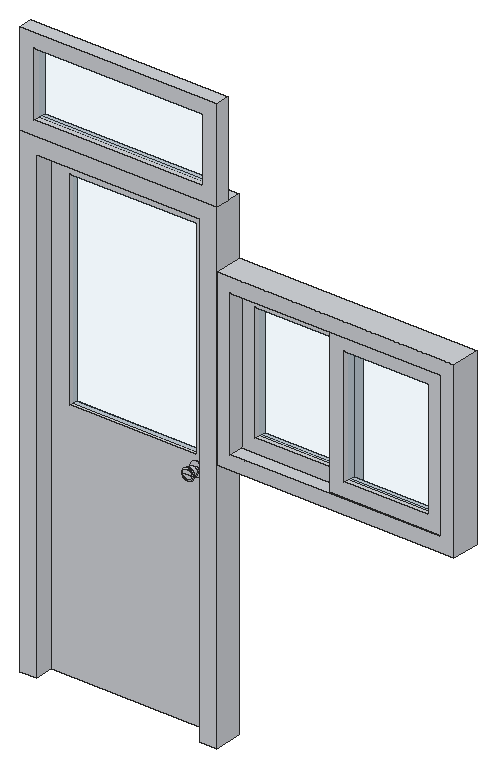
Revit family "D7A_鋁門1", category 門, Revit 2014
Parameters (values of type "(85+103) x 250 cm 2")
  玻璃 = 玻璃
  熱阻 (R) = 0.270117 (m²·K)/W
  Visual Light Transmittance = 0
  Solar Heat Gain Coefficient = 0
  營造類型 Id = "MDOOR"
  關鍵註記 = "單開門-矩形"
  傳熱係數 (U) = 3.7021 W/(m²·K)
  功能 = 室內
  門扇材料 = none
  門扇寬度 = Width - 2 * 開門側框寬度  # 750 mm
  門扇厚度 = 40 mm
  Assembly Code = ""
  Rough Height = Height  # 2100 mm
  Rough Width = Width  # 850 mm
  框架深度 = 120 mm
  框擋板寬度 = 門扇厚度 / 2  # 20 mm
  框總寬度 [instance] = 開門側框寬度 + 框擋板寬度  # 70 mm
  Height = 2100 mm
  牆封閉 = 依主體
  框架材料 = none
  開門側框寬度 = 50 mm
  握把五金 = none
  Width = 850 mm
  操作 = "左單開門方向"
  解析營造 = "金屬"
Reference planes
  plane 1: y = -210
  plane 2 "中心 (左/右)": x = 0
  plane 3 "左": x = -425
  plane 4 "右": x = 425
  plane 5: z = 2100
  plane 6 "外部": y = -135
  plane 7 "內部": y = -285
  plane 8: y = 320
  plane 9: y = -740
  plane 10: z = 1050
Forms (mm)
  Sweep 1, solid, material <- "框架材料"
    path origin (-5000, -210, 0) x (-1, 0, 0) y (0, 0, 1)
      loop
        line (-5425, 0) -> (-5425, 2100) -> (-4575, 2100) -> (-4575, 0)
    profile origin (425, -210, 1050) x (1, 0, 0) y (0, 1, 0)
      loop
        line (0, 60) -> (-50, 60) -> (-50, 20) -> (-70, 20) -> (-70, -60) -> (0, -60) -> (0, 60)
  Extrusion 2, solid, material <- "門扇材料"
    sketch origin (-5000, -210, 0) x (1, 0, 0) y (0, 0, 1)
      loop
        line (4625, 2050) -> (4625, 0) -> (5375, 0) -> (5375, 2050) -> (4625, 2050)
      loop
        line (5275, 1050) -> (5275, 1950) -> (4725, 1950) -> (4725, 1050) -> (5275, 1050)
    from -60 to -20
  Extrusion 3, solid, material "玻璃" <- "玻璃"
    sketch origin (-5000, -210, 0) x (1, 0, 0) y (0, 0, 1)
      loop
        line (5275, 1950) -> (4725, 1950) -> (4725, 1050) -> (5275, 1050) -> (5275, 1950)
    from -55 to -35
Lines and regions (mm)
  Opening 1
    outline origin (-3050, -285, 0) x (1, 0, 0) y (0, 0, 1)
      loop
        line (2625, 0) -> (3475, 0) -> (3475, 2100) -> (2625, 2100) -> (2625, 0)
  Opening 2
    outline origin (-5000, -285, 0) x (1, 0, 0) y (0, 0, 1)
      loop
        line (5425, 2500) -> (4575, 2500) -> (4575, 2100) -> (5425, 2100) -> (5425, 2500)
  symbolic lines, style "Doors"
    curve 1: line (-375, -150, 0) -> (-335, -150, 0)
    curve 2: line (-375, 600, 0) -> (-375, -150, 0)
    curve 3: line (-335, 600, 0) -> (-375, 600, 0)
    curve 4: line (-335, -150, 0) -> (-335, 600, 0)
  symbolic lines, style "平面圖打開方向"
    curve 5: arc (375, -150, 0) -> (169.289, 365.994, 0) -> (-335, 598.933, 0) r 750
  symbolic lines, style "DoorsFrameMullionProjection"
    curve 6: line (-375, -150, 0) -> (-425, -150, 0)
    curve 7: line (-375, -270, 0) -> (-375, -150, 0)
    curve 8: line (-425, -270, 0) -> (-375, -270, 0)
    curve 9: line (-425, -150, 0) -> (-425, -270, 0)
    curve 10: line (375, -150, 0) -> (425, -150, 0)
    curve 11: line (375, -270, 0) -> (375, -150, 0)
    curve 12: line (425, -270, 0) -> (375, -270, 0)
    curve 13: line (425, -150, 0) -> (425, -270, 0)
  symbolic lines, style "立面圖打開方向"
    curve 14: line (-425, -285, 1050) -> (425, -285, 0)
    curve 15: line (-425, -135, 1050) -> (425, -135, 2100)
  model lines
    curve 16: line (275, -190, 950) -> (-275, -190, 950)
    curve 17: line (275, -190, 100) -> (275, -190, 950)
    curve 18: line (-275, -190, 100) -> (275, -190, 100)
    curve 19: line (-240, -190, 950) -> (-240, -190, 100)
    curve 20: line (-180, -190, 950) -> (-180, -190, 100)
    curve 21: line (-120, -190, 950) -> (-120, -190, 100)
    curve 22: line (-60, -190, 950) -> (-60, -190, 100)
    curve 23: line (0, -190, 950) -> (0, -190, 100)
    curve 24: line (60, -190, 950) -> (60, -190, 100)
    curve 25: line (120, -190, 950) -> (120, -190, 100)
    curve 26: line (180, -190, 950) -> (180, -190, 100)
    curve 27: line (240, -190, 950) -> (240, -190, 100)
    curve 28: line (275, -150, 950) -> (-275, -150, 950)
    curve 29: line (275, -150, 100) -> (275, -150, 950)
    curve 30: line (-275, -150, 100) -> (275, -150, 100)
    curve 31: line (-275, -150, 950) -> (-275, -150, 100)
    curve 32: line (-240, -150, 950) -> (-240, -150, 100)
    curve 33: line (-180, -150, 950) -> (-180, -150, 100)
    curve 34: line (-120, -150, 950) -> (-120, -150, 100)
    curve 35: line (-60, -150, 950) -> (-60, -150, 100)
    curve 36: line (0, -150, 950) -> (0, -150, 100)
    curve 37: line (60, -150, 950) -> (60, -150, 100)
    curve 38: line (120, -150, 950) -> (120, -150, 100)
    curve 39: line (180, -150, 950) -> (180, -150, 100)
    curve 40: line (240, -150, 950) -> (240, -150, 100)
Text (mm)
  text "外部" at (-2295.016, 1099.543, 0), in view "參考樓層"
  text "外部" at (0, 1615.38, 3698.081), in view "左"
  text "外部" at (0, 1036.032, 3874.932), in view "右"
Dimensions and locks
  equal spacing: plane 3 "左", plane 2 "中心 (左/右)", plane 4 "右"
  "Width": plane 3 "左" to plane 4 "右"
  "Height": plane 5 to host wall
  host wall to plane 5 = 2100 mm  (x2)
  locked: plane 6 "外部" to host wall at 0
  locked: plane 7 "內部" to host wall
  equal spacing: Sweep 1 sketch curve, host wall, Sweep 1 sketch curve
  "框架深度": Sweep 1 sketch curve to Sweep 1 sketch curve
  "門扇厚度": Sweep 1 sketch curve to Sweep 1 sketch curve
  "開門側框寬度": Sweep 1 sketch curve to Sweep 1 sketch curve
  "框擋板寬度": Sweep 1 sketch curve to Sweep 1 sketch curve
  "Width": Sweep 1 sketch curve to Sweep 1 sketch curve
  "門扇厚度": curve 2 to curve 4
  "門扇寬度": curve 3 to curve 1
  "開門側框寬度": curve 11 to Sweep 1
  "開門側框寬度": curve 9 to curve 7
  equal spacing: Sweep 1, host wall, Sweep 1  (x2)
  "框架深度": Sweep 1 to Sweep 1  (x2)
  equal spacing: curve 6, plane 1, curve 8
  "框架深度": curve 6 to curve 8
  equal spacing: curve 12, plane 1, curve 10
  "框架深度": curve 12 to curve 10
  locked: nested 2 to Sweep 1 at 75
  locked: nested 1 to Sweep 1 at 75
  equal spacing: plane 8, plane 1, plane 9
  plane 8 to plane 9 = 1060 mm
  "門扇厚度": Extrusion 2 to Extrusion 2
  locked: level to nested 5 at 1100
  locked: level to nested 6 at 2100
  "門扇寬度": radius of curve 5
  aligned and locked: plane 3 "左" to Opening 1 sketch curve
  aligned and locked: plane 5 to Opening 1 sketch curve  (x2)
  aligned and locked: Opening 1 sketch curve to plane 4 "右"
  aligned and locked: Opening 1 sketch curve to level
  aligned and locked: plane 1 to host wall
  aligned and locked: Sweep 1 to Extrusion 2 sketch curve
  aligned and locked: Extrusion 2 sketch curve to Sweep 1  (x2)
  aligned and locked: level to Extrusion 2 sketch curve
  aligned and locked: Extrusion 2 to Sweep 1
  aligned and locked: nested 1 to Extrusion 2
  aligned and locked: Extrusion 2 to nested 2
  aligned and locked: plane 4 "右" to curve 15
  aligned and locked: plane 5 to curve 15
  aligned and locked: level to curve 14
  aligned and locked: plane 4 "右" to curve 14
  aligned and locked: plane 10 to curve 15
  aligned and locked: plane 3 "左" to curve 15
  aligned and locked: curve 14 to curve 15
  aligned and locked: plane 10 to Extrusion 2
  aligned and locked: nested 5 to nested 6
  aligned and locked: nested 5 to plane 4 "右"
Automatic sketch dimensions
  curve 14 to plane 10 = 0 mm
  plane 4 "右" to Sweep 1 sketch curve = 0 mm
  Sweep 1 sketch curve to plane 5 = 0 mm
  Sweep 1 sketch curve to level = 0 mm  (x2)
  Sweep 1 sketch curve to profile plane = 0 mm
  curve 9 to plane 3 "左" = 0 mm
  curve 13 to plane 4 "右" = 0 mm
  Extrusion 2 sketch curve to plane 10 = 0 mm
  Extrusion 2 sketch curve to plane 3 "左" = 150 mm
  plane 5 to Extrusion 2 sketch curve = 150 mm
  Extrusion 2 sketch curve to Extrusion 2 sketch curve = 100 mm
  Extrusion 3 sketch curve to plane 10 = 0 mm
  Extrusion 3 sketch curve to plane 3 "左" = 150 mm
  plane 5 to Extrusion 3 sketch curve = 150 mm
  plane 4 "右" to Extrusion 3 sketch curve = 150 mm
  Extrusion 2 to curve 18 = 0 mm  (x2)
  curve 18 to Extrusion 2 = 100 mm
  Extrusion 2 to curve 16 = 0 mm
  curve 17 to Extrusion 2 = 100 mm
  plane 4 "右" to curve 30 = 150 mm
  curve 29 to plane 10 = 100 mm
  curve 30 to plane 3 "左" = 150 mm
  curve 28 to plane 3 "左" = 150 mm
  level to curve 29 = 100 mm
  plane 3 "左" to Opening 2 sketch curve = 0 mm
  plane 4 "右" to Opening 2 sketch curve = 0 mm
  Opening 2 sketch curve to plane 5 = 0 mm
  Opening 2 sketch curve to Opening 2 sketch curve = 400 mm
Nested families
  nested 1: "喇叭鎖" at (355, -190, 0) x (-1, 0, 0) z (0, 0, 1), type "喇叭鎖"
  nested 2: "喇叭鎖" at (355, -150, 0) x (-1, 0, 0) z (0, 0, 1), type "喇叭鎖"
  nested 3: "喇叭鎖" at (365, 60, 1000), type "喇叭鎖", not visible
  nested 4: "喇叭鎖" at (365, 20, 1000), type "喇叭鎖", not visible
  nested 5: "雙開窗- (1)" at (940, -390, 0) x (-1, 0, 0) z (0, 0, 1), type "103 x 75 cm"
  nested 6: "固定窗-矩形- (1)" at (0, -210, 0), type "85 x 40 cm"
Definition of nested family "喇叭鎖"
  Parameters (values of type "喇叭鎖")
    Assembly Code = ""
    握把高度 = 1000 mm
    握把與版面側邊距離 = 75 mm
    握把五金 = none
  Reference planes
    plane 1 "中心 (前/後)": y = 0
    plane 2: z = 0
    plane 3 "中心 (左/右)": x = 0
    plane 4: x = 75
  Forms (mm)
    Revolve 1, solid, material <- "握把五金"
      sketch origin (511.236, -60, 1000) x (1, 0, 0) y (0, 1, 0)
        loop
          line (-436.236, 60) -> (-406.236, 60) -> (-406.236, 66) -> (-426.236, 66) -> (-426.236, 85) -> (-417.636, 85) -> (-411.236, 109.7) -> (-411.236, 113.2) -> (-415.736, 115) -> (-436.236, 115) -> (-436.236, 60)
        axis (-436.236, 60) -> (-436.236, 115)
      angle from 0 to 360
  Dimensions and locks
    "握把與版面側邊距離": plane 3 "中心 (左/右)" to plane 4
    "握把高度": Revolve 1 to level
  Automatic sketch dimensions
    plane 3 "中心 (左/右)" to Revolve 1 sketch curve = 75 mm  (x2)
    Revolve 1 sketch curve to plane 1 "中心 (前/後)" = 0 mm
    plane 3 "中心 (左/右)" to Revolve 1 sketch curve = 85 mm
    Revolve 1 sketch curve to Revolve 1 sketch curve = 8.6 mm
    plane 3 "中心 (左/右)" to Revolve 1 sketch curve = 95.5 mm
    Revolve 1 sketch curve to Revolve 1 sketch curve = 4.5 mm
    Revolve 1 sketch curve to Revolve 1 sketch curve = 20 mm
    plane 1 "中心 (前/後)" to Revolve 1 sketch curve = 60 mm
    Revolve 1 sketch curve to Revolve 1 sketch curve = 6 mm
    Revolve 1 sketch curve to Revolve 1 sketch curve = 19 mm
    Revolve 1 sketch curve to Revolve 1 sketch curve = 24.7 mm
    Revolve 1 sketch curve to Revolve 1 sketch curve = 3.5 mm
    Revolve 1 sketch curve to Revolve 1 sketch curve = 1.8 mm
    Revolve 1 sketch curve to Revolve 1 sketch curve = 200 mm
Definition of nested family "雙開窗- (1)"
  Parameters (values of type "100 x 150 cm")
    Thermal Resistance (R) = 0.271106 (m²·K)/W
    Visual Light Transmittance = 0.9
    Solar Heat Gain Coefficient = 0.78
    Construction Type Id = "GSP4R"
    Height = 1500 mm
    Heat Transfer Coefficient (U) = 3.6886 W/(m²·K)
    預設窗台高度 = 900 mm
    Keynote = "雙開窗"
    Rough Height = Height  # 1500 mm
    Rough Width = Width  # 1000 mm
    裝飾外框寬度 = 60 mm
    玻璃材質 = 玻璃
    Wall Closure = (empty or 0)
    裝飾外框材料 = none
    裝飾外框厚度 = 120 mm
    Width = 1000 mm
    Operation = "垂直雙重面板"
    內部框架材料 = none
    內框寬度 = 60 mm
    內框厚度 = 50 mm
    Analytic Construction = "1/8 英吋 Pilkington 單層鑲嵌玻璃"
  Types (2, lengths in mm): name | Height | 預設窗台高度 | Rough Height | Rough Width | 玻璃材質 | Width
    100 x 150 cm | 1500 | 900 | 1500 | 1000 | 玻璃 | 1000
    103 x 75 cm | 750 | 1100 | 750 | 1030 | none | 1030
  Reference planes
    plane 1: y = -180
    plane 2 "中心 (左/右)": x = 0
    plane 3 "左": x = -500
    plane 4 "右": x = 500
    plane 5 "窗台": z = 900
    plane 6 "窗頂": z = 2400
    plane 7 "外部": y = -105
    plane 8 "內部": y = -255
    plane 9: x = -30
    plane 10: x = 30
    plane 11: y = -120
    plane 12: y = -240
    plane 13: x = -440
    plane 14: x = 440
    plane 15: z = 2340
    plane 16: z = 960
  Forms (mm)
    Extrusion 1, solid, material <- "裝飾外框材料"
      sketch origin (0, -180, 0) x (1, 0, 0) y (0, 0, 1)
        loop
          line (-500, 2400) -> (-500, 900) -> (500, 900) -> (500, 2400) -> (-500, 2400)
        loop
          line (-440, 2340) -> (-440, 960) -> (440, 960) -> (440, 2340) -> (-440, 2340)
      from 60 to -60
  Lines and regions (mm)
    Opening 1
      outline origin (3442.648, -255, 0) x (1, 0, 0) y (0, 0, 1)
        loop
          line (-2942.648, 900) -> (-2942.648, 2400) -> (-3942.648, 2400) -> (-3942.648, 900) -> (-2942.648, 900)
  Text (mm)
    text "外部" at (-1963.203, 1332.353, 0), in view "參考樓層"
    text "內部" at (-1981.466, -818.386, 0), in view "參考樓層"
    text "外部" at (0, 923.751, 2943.296), in view "右"
    text "外部" at (0, 1040.484, 2685.409), in view "左"
  Dimensions and locks
    equal spacing: plane 3 "左", plane 2 "中心 (左/右)", plane 4 "右"
    "Width": plane 3 "左" to plane 4 "右"
    "Height": plane 5 "窗台" to plane 6 "窗頂"
    "預設窗台高度": plane 5 "窗台" to level
    locked: plane 7 "外部" to host wall at 0
    locked: plane 8 "內部" to host wall
    equal spacing: plane 9, plane 2 "中心 (左/右)", plane 10
    "內框寬度": plane 9 to plane 10
    equal spacing: plane 11, plane 1, plane 12
    "裝飾外框厚度": plane 11 to plane 12
    "裝飾外框寬度": plane 6 "窗頂" to plane 15
    "裝飾外框寬度": plane 16 to plane 5 "窗台"
    "裝飾外框寬度": plane 3 "左" to plane 13
    "裝飾外框寬度": plane 14 to plane 4 "右"
    aligned and locked: plane 1 to nested 1
    aligned and locked: plane 1 to nested 2
    aligned and locked: nested 1 to plane 10
    aligned and locked: nested 2 to plane 9
    aligned and locked: plane 1 to host wall
    aligned and locked: host wall to Extrusion 1 sketch curve
    aligned and locked: Extrusion 1 sketch curve to host wall  (x3)
    aligned and locked: Opening 1 sketch curve to plane 6 "窗頂"
    aligned and locked: Opening 1 sketch curve to plane 4 "右"
    aligned and locked: Opening 1 sketch curve to plane 5 "窗台"
    aligned and locked: Opening 1 sketch curve to plane 3 "左"
    aligned and locked: Extrusion 1 sketch curve to plane 15
    aligned and locked: plane 13 to Extrusion 1 sketch curve
    aligned and locked: Extrusion 1 sketch curve to plane 14
    aligned and locked: plane 16 to Extrusion 1 sketch curve
    aligned and locked: plane 15 to nested 2
    aligned and locked: plane 16 to nested 2
    aligned and locked: nested 1 to plane 15
    aligned and locked: nested 1 to plane 16
    aligned and locked: nested 1 to plane 13
    aligned and locked: plane 14 to nested 2
    aligned and locked: plane 11 to Extrusion 1
    aligned and locked: Extrusion 1 to plane 12
  Nested families
    nested 1: "窗框" at (-504.928, -1099.367, -40), type "窗框"
      with Height 1380 mm, Width 535 mm
    nested 2: "窗框" at (-29.928, 739.367, -40), type "窗框"
      with Height 1380 mm, Width 535 mm
  Definition of nested family "窗框"
    Parameters (values of type "窗框")
      Height [instance] = 500 mm
      護桿寬度 = 20 mm
      護桿厚度 = 10 mm
      Rough Height = 500 mm
      Rough Width = 600 mm
      Width [instance] = 600 mm
      裝飾外框材料 = none
      玻璃材質 = none
      玻璃厚度 = 10 mm
      裝飾外框寬度 = 60 mm
      裝飾外框厚度 = 50 mm
      Assembly Code = ""
    Reference planes
      plane 1 "中心 (前/後)": y = -919.367
      plane 2: z = 0
      plane 3 "中心 (左/右)": x = 267.428
      plane 4 "玻璃-上": y = -939.367
      plane 5 "玻璃-下": y = -949.367
      plane 6: y = -969.367
      plane 7: x = -32.572
      plane 8: x = 567.428
      plane 9: x = 27.428
      plane 10: x = 507.428
      plane 11: z = 1440
      plane 12: z = 1500
      plane 13: z = 1060
      plane 14: z = 1000
      plane 15: y = -944.367
    Forms (mm)
      Extrusion 1, solid, material <- "玻璃材質"
        sketch origin (-1499.274, -944.367, 1200) x (-1, 0, 0) y (0, 0, 1)
          loop
            line (-1526.702, 240) -> (-2006.702, 240) -> (-2006.702, -140) -> (-1526.702, -140) -> (-1526.702, 240)
        from -5 to 5
      Extrusion 2, solid, material <- "裝飾外框材料"
        sketch origin (-1499.274, -944.367, 1200) x (-1, 0, 0) y (0, 0, 1)
          loop
            line (-1466.702, 300) -> (-2066.702, 300) -> (-2066.702, -200) -> (-1466.702, -200) -> (-1466.702, 300)
          loop
            line (-1526.702, 240) -> (-2006.702, 240) -> (-2006.702, -140) -> (-1526.702, -140) -> (-1526.702, 240)
        from -25 to 25
    Dimensions and locks
      equal spacing: plane 10, plane 3 "中心 (左/右)", plane 9
      "裝飾外框寬度": plane 8 to plane 10
      "裝飾外框寬度": plane 9 to plane 7
      "裝飾外框寬度": plane 12 to plane 11
      "Width": plane 8 to plane 7
      "裝飾外框寬度": plane 13 to plane 14
      "Height": plane 12 to plane 14
      plane 14 to level = 1000 mm
      equal spacing: plane 4 "玻璃-上", plane 15, plane 5 "玻璃-下"
      "玻璃厚度": plane 4 "玻璃-上" to plane 5 "玻璃-下"
      equal spacing: plane 6, plane 15, plane 1 "中心 (前/後)"
      "裝飾外框厚度": plane 6 to plane 1 "中心 (前/後)"
      aligned and locked: Extrusion 1 sketch curve to plane 11
      aligned and locked: plane 9 to Extrusion 1 sketch curve
      aligned and locked: Extrusion 1 sketch curve to plane 10
      aligned and locked: plane 13 to Extrusion 1 sketch curve
      aligned and locked: plane 7 to Extrusion 2 sketch curve
      aligned and locked: Extrusion 2 sketch curve to plane 12
      aligned and locked: Extrusion 2 sketch curve to plane 8
      aligned and locked: plane 9 to Extrusion 2 sketch curve
      aligned and locked: plane 13 to Extrusion 2 sketch curve
      aligned and locked: Extrusion 2 sketch curve to plane 10
      aligned and locked: Extrusion 2 sketch curve to plane 11
      aligned and locked: Extrusion 2 sketch curve to plane 14
      aligned and locked: plane 2 to level
      aligned and locked: plane 6 to Extrusion 2
      aligned and locked: plane 1 "中心 (前/後)" to Extrusion 2
      aligned and locked: plane 5 "玻璃-下" to Extrusion 1
      aligned and locked: plane 4 "玻璃-上" to Extrusion 1
Definition of nested family "固定窗-矩形- (1)"
  Parameters (values of type "100 x 150 cm")
    Thermal Resistance (R) = 0.271106 (m²·K)/W
    Visual Light Transmittance = 0.9
    Solar Heat Gain Coefficient = 0.78
    Construction Type Id = "GSP4R"
    Height = 1500 mm
    Heat Transfer Coefficient (U) = 3.6886 W/(m²·K)
    預設窗台高度 = 900 mm
    Keynote = "固定窗-矩形"
    Rough Height = Height  # 1500 mm
    Rough Width = Width  # 1000 mm
    玻璃材質 = 玻璃
    Wall Closure = (empty or 0)
    Width = 1000 mm
    裝飾外框材料 = none
    裝飾外框寬度 = 60 mm
    裝飾外框厚度 = 60 mm
    Analytic Construction = "1/8 英吋 Pilkington 單層鑲嵌玻璃"
  Types (2, lengths in mm): name | Height | 預設窗台高度 | Rough Height | Rough Width | 玻璃材質 | Width
    100 x 150 cm | 1500 | 900 | 1500 | 1000 | 玻璃 | 1000
    85 x 40 cm | 400 | 2100 | 400 | 850 | none | 850
  Reference planes
    plane 1: y = 0
    plane 2 "中心 (左/右)": x = 0
    plane 3 "左": x = -500
    plane 4 "右": x = 500
    plane 5 "窗台": z = 900
    plane 6 "標頭": z = 2400
    plane 7 "外部": y = 75
    plane 8 "內部": y = -75
  Lines and regions (mm)
    Opening 1
      outline origin (3500, -75, 0) x (1, 0, 0) y (0, 0, 1)
        loop
          line (-3000, 900) -> (-3000, 2400) -> (-4000, 2400) -> (-4000, 900) -> (-3000, 900)
  Text (mm)
    text "外部" at (-1963.203, 1332.353, 0), in view "參考樓層"
    text "內部" at (-1981.466, -818.386, 0), in view "參考樓層"
    text "外部" at (0, 923.751, 2943.296), in view "右"
    text "外部" at (0, 1040.484, 2685.409), in view "左"
  Dimensions and locks
    equal spacing: plane 3 "左", plane 2 "中心 (左/右)", plane 4 "右"
    "Width": plane 3 "左" to plane 4 "右"
    "Height": plane 5 "窗台" to plane 6 "標頭"
    "預設窗台高度": plane 5 "窗台" to level
    locked: plane 7 "外部" to host wall at 0
    locked: plane 8 "內部" to host wall
    aligned and locked: plane 1 to nested 1
    aligned and locked: nested 1 to plane 3 "左"
    aligned and locked: nested 1 to plane 4 "右"
    aligned and locked: nested 1 to plane 6 "標頭"
    aligned and locked: nested 1 to plane 5 "窗台"
  Automatic sketch dimensions
    Opening 1 sketch curve to plane 3 "左" = 0 mm
    Opening 1 sketch curve to plane 4 "右" = 0 mm
    Opening 1 sketch curve to plane 5 "窗台" = 0 mm
    Opening 1 sketch curve to plane 6 "標頭" = 0 mm
  Nested families
    nested 1: "窗框" at (-267.428, 919.367, -100), type "窗框"
      with Height 1500 mm, Width 1000 mm
  Definition of nested family "窗框"
    Parameters (values of type "窗框")
      Height [instance] = 500 mm
      護桿寬度 = 20 mm
      護桿厚度 = 10 mm
      Rough Height = 500 mm
      Rough Width = 600 mm
      Width [instance] = 600 mm
      裝飾外框材料 = none
      玻璃材質 = none
      玻璃厚度 = 10 mm
      裝飾外框寬度 = 60 mm
      裝飾外框厚度 = 60 mm
      Assembly Code = ""
    Reference planes
      plane 1 "中心 (前/後)": y = -919.367
      plane 2: z = 0
      plane 3 "中心 (左/右)": x = 267.428
      plane 4 "玻璃-上": y = -944.367
      plane 5 "玻璃-下": y = -954.367
      plane 6: y = -979.367
      plane 7: x = -32.572
      plane 8: x = 567.428
      plane 9: x = 27.428
      plane 10: x = 507.428
      plane 11: z = 1440
      plane 12: z = 1500
      plane 13: z = 1060
      plane 14: z = 1000
      plane 15: y = -949.367
    Forms (mm)
      Extrusion 1, solid, material <- "玻璃材質"
        sketch origin (-1499.274, -949.367, 1200) x (-1, 0, 0) y (0, 0, 1)
          loop
            line (-1526.702, 240) -> (-2006.702, 240) -> (-2006.702, -140) -> (-1526.702, -140) -> (-1526.702, 240)
        from -5 to 5
      Extrusion 2, solid, material <- "裝飾外框材料"
        sketch origin (-1499.274, -949.367, 1200) x (-1, 0, 0) y (0, 0, 1)
          loop
            line (-1466.702, 300) -> (-2066.702, 300) -> (-2066.702, -200) -> (-1466.702, -200) -> (-1466.702, 300)
          loop
            line (-1526.702, 240) -> (-2006.702, 240) -> (-2006.702, -140) -> (-1526.702, -140) -> (-1526.702, 240)
        from -30 to 30
    Dimensions and locks
      equal spacing: plane 10, plane 3 "中心 (左/右)", plane 9
      "裝飾外框寬度": plane 8 to plane 10
      "裝飾外框寬度": plane 9 to plane 7
      "裝飾外框寬度": plane 12 to plane 11
      "Width": plane 8 to plane 7
      "裝飾外框寬度": plane 13 to plane 14
      "Height": plane 12 to plane 14
      plane 14 to level = 1000 mm
      equal spacing: plane 4 "玻璃-上", plane 15, plane 5 "玻璃-下"
      "玻璃厚度": plane 4 "玻璃-上" to plane 5 "玻璃-下"
      equal spacing: plane 6, plane 15, plane 1 "中心 (前/後)"
      "裝飾外框厚度": plane 6 to plane 1 "中心 (前/後)"
      aligned and locked: Extrusion 1 sketch curve to plane 11
      aligned and locked: plane 9 to Extrusion 1 sketch curve
      aligned and locked: Extrusion 1 sketch curve to plane 10
      aligned and locked: plane 13 to Extrusion 1 sketch curve
      aligned and locked: plane 7 to Extrusion 2 sketch curve
      aligned and locked: Extrusion 2 sketch curve to plane 12
      aligned and locked: Extrusion 2 sketch curve to plane 8
      aligned and locked: plane 9 to Extrusion 2 sketch curve
      aligned and locked: plane 13 to Extrusion 2 sketch curve
      aligned and locked: Extrusion 2 sketch curve to plane 10
      aligned and locked: Extrusion 2 sketch curve to plane 11
      aligned and locked: Extrusion 2 sketch curve to plane 14
      aligned and locked: plane 2 to level
      aligned and locked: plane 6 to Extrusion 2
      aligned and locked: plane 1 "中心 (前/後)" to Extrusion 2
      aligned and locked: plane 5 "玻璃-下" to Extrusion 1
      aligned and locked: plane 4 "玻璃-上" to Extrusion 1
